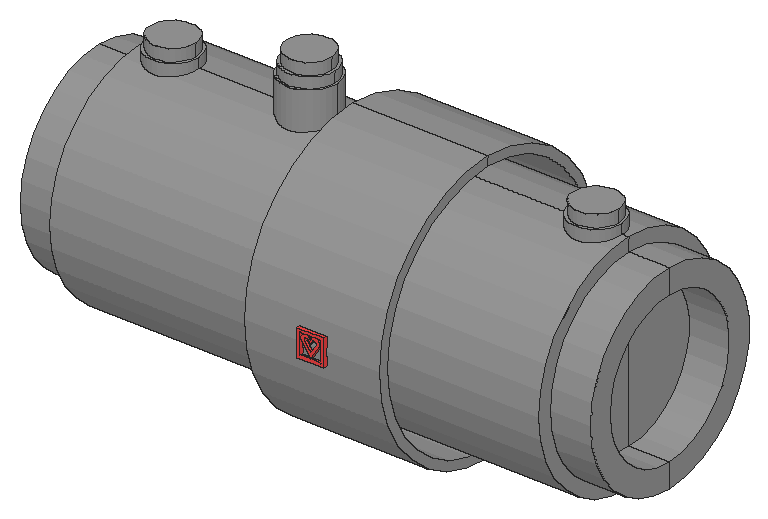
Revit family "Systemtrenner 0307 IG-IG", category Rohrzubehör, Revit 2020
Family settings
  Bemaßung runder Anschluss = Durchmesser verwenden
  Teiletyp = Unterbricht
  OmniClass-Nummer = 23.65.55.14
  OmniClass-Titel = Valves for Liquid Services
  Arbeitsebenenbasiert = Nein
  Immer vertikal = Ja
  Beim Laden mit Abzugskörper schneiden = Nein
  Gemeinsam genutzt = Nein
Parameters (values of type "IG-IG DN50-DN50")
  Vorgabe-Ansicht = 0.000 mm
  URL = "www.herz-armaturen.at"
  SCTWSEQ = "AW;SBT_TYP_AW=\"104\";2"
  SCTWCODE = "04;12;02"  # constant formula
  S03 = 15.000 mm  # constant formula
  S02 = 45.000 mm  # constant formula
  S01 = 98.000 mm  # constant formula
  Nennweite Ein [instance] = if(IG_IG_DN40_DN40, 40.000 mm, if(IG_IG_DN40_DN50, 40.000 mm, if(IG_IG_DN50_DN40, 50.000 mm, if(IG_IG_DN50_DN50, 50.000 mm, 0.000 mm))))  # 50.000 mm
  Nennweite Aus [instance] = if(IG_IG_DN40_DN40, 40.000 mm, if(IG_IG_DN40_DN50, 50.000 mm, if(IG_IG_DN50_DN40, 40.000 mm, if(IG_IG_DN50_DN50, 50.000 mm, 0.000 mm))))  # 50.000 mm
  Medium = "Wasser (ohne Dampf)"
  Max. Betriebstemperatur (Kurzzeitig) = 80 °C  # constant formula
  Max. Betriebstemperatur = 65 °C  # constant formula
  Max. Betriebsdruck = 1000000.0 Pa  # constant formula
  L08 = 45.000 mm  # constant formula
  L07 = 24.500 mm  # constant formula
  L06 = 70.000 mm  # constant formula
  L05 = 28.000 mm  # constant formula
  L04 = 13.500 mm  # constant formula
  L03 = 84.500 mm  # constant formula
  L02 = 18.000 mm  # constant formula
  L01 = 190.000 mm  # constant formula
  Hinweis = "Gemäß Art 33 der REACH-Verordnung (EG Nr. 1907/2006) sind wir verpflichtet, darauf hinzuweisen, dass der Stoff Blei auf der SVHC-Liste geführt wird und dass alle aus Messing bestehenden Bauteile, die in unseren Erzeugnissen verarbeitet sind, mehr als 0,1 % (w/w) Blei (CAS: 7439-92-1 / EINECS: 231-100-4) enthalten.\r\nDa Blei als Legierungsbestandteil fest gebunden ist, sind keine Expositionen zu erwarten und daher sind keine zusätzlichen Angaben zur sicheren Verwendung notwendig."
  Hersteller = "HERZ Armaturen Ges.m.b.H."  # constant formula
  Gehäuse = "Edelstahl"  # constant formula
  Einbaulage = "waagrecht oder senkrecht nach unten zeigend"  # constant formula
  D04 [instance] = if(IG_IG_DN40_DN40, 28.000 mm, if(IG_IG_DN40_DN50, 33.000 mm, if(IG_IG_DN50_DN40, 28.000 mm, if(IG_IG_DN50_DN50, 33.000 mm, 0.000 mm))))  # 33.000 mm
  D03 [instance] = if(IG_IG_DN40_DN40, 28.000 mm, if(IG_IG_DN40_DN50, 28.000 mm, if(IG_IG_DN50_DN40, 33.000 mm, if(IG_IG_DN50_DN50, 33.000 mm, 0.000 mm))))  # 33.000 mm
  D02 = 45.000 mm  # constant formula
  D01 = 37.500 mm  # constant formula
  Bestellnummer [instance] = if(IG_IG_DN40_DN40, "I030701", if(IG_IG_DN40_DN50, "I030709", if(IG_IG_DN50_DN40, "I030713", if(IG_IG_DN50_DN50, "I030705", "0"))))  # "I030705"
  Ausführung = "Der Systemtrenner wurde nach der Norm DIN EN 1717 entwickelt.\r\nLaut dieser Norm ist die Wasserqualität je nach Grad der Verschmutzung in 5 Klassen eingeteilt.\r\nDer Systemtrenner Typ BA erlaubt eine Absicherung gegen Nichttrinkwasser bis zur Gefahrenklasse 4, der höchsten Gefahrenklasse, die mit einer Armatur abgesichert werden kann.\r\nEine niedrigere Absicherung eines Standrohres als mit einem Systemtrenner BA nach DIN EN 1717 entspricht nicht mehr dem Stand der Technik und führt damit bei einem Schadensfall zur Haftpflicht des Betreibers eines solchen Standrohres.\r\nDie Funktionseinheit ist als einteilige Kartusche mit groß bemessenem Steuerkolben und druckstoßgedämpftem Ablassventilsystem ausgebildet.\r\nGewindeanschlüsse sind untereinander austauschbar, wodurch 16 mögliche Anschlussvarianten (Eingangs- und Ausgangsseite erhältlich in 1 1/2” Innen- oder Außengewinde alternativ in 2” Innen- oder Außengewinde)."
  Anwendung = "Der Systemtrenner ist eine kostengünstige Lösung zum Nachrüsten von Standrohren mit der nach DIN EN 1717 zwingend vorgeschriebenen Sicherungsarmatur gegen Rücksaugen, Rückfließen oder Rückdrücken von Nichttrinkwasser in die Trinkwasserleitung.\r\nDer Systemtrenner ist für den waagerechten Einbau geeignet.\r\nEr kann auch senkrecht montiert werden aber nach unten zeigend.\r\nFür den Einbau in eine Steigleitung ist er nicht zulässig."
  IG_IG_DN50_DN50 = yes
  IG_IG_DN50_DN40 = no
  IG_IG_DN40_DN50 = no
  IG_IG_DN40_DN40 = no
  IG Ein [instance] = Nennweite Ein / 2  # 25.000 mm
  IG Aus [instance] = Nennweite Aus / 2  # 25.000 mm
Types (5, lengths in mm): name | Nennweite Ein | Nennweite Aus | D04 | D03 | Bestellnummer | IG_IG_DN50_DN50 | IG_IG_DN50_DN40 | IG_IG_DN40_DN50 | IG_IG_DN40_DN40 | IG Ein | IG Aus
  (no name) | 50.000 | 50.000 | 33.000 | 33.000 | "I030705" | yes | no | no | no | 25.000 | 25.000
  IG-IG DN40-DN50 | 40.000 | 50.000 | 33.000 | 28.000 | "I030709" | no | no | yes | no | 20.000 | 25.000
  IG-IG DN40-DN40 | 40.000 | 40.000 | 28.000 | 28.000 | "I030701" | no | no | no | yes | 20.000 | 20.000
  IG-IG DN50-DN50 | 50.000 | 50.000 | 33.000 | 33.000 | "I030705" | yes | no | no | no | 25.000 | 25.000
  IG-IG DN50-DN40 | 50.000 | 40.000 | 28.000 | 33.000 | "I030713" | no | yes | no | no | 25.000 | 20.000
Reference planes
  plane 1 "Mitte (Vorne/hinten)": y = 0
  plane 2: z = 0
  plane 3 "Mitte (Links/rechts)": x = 0
Forms (mm)
  Revolve 1, solid, material "Messing, weicher Gelbton, geschweißt", detail levels fine
    sketch origin (0, 0, 0) x (1, 0, 0) y (0, 0, 1)
      loop
        line (81.5, 0) -> (81.5, 25) -> (95, 25) -> (95, 33) -> (81.5, 33) -> (81.5, 37.5) -> (-81.5, 37.5) -> (-81.5, 33) -> (-95, 33) -> (-95, 25) -> (-81.5, 25) -> (-81.5, 0) -> (81.5, 0)
      axis (-95, 0) -> (95, 0)
    angle from 0 to 360
  Revolve 2, solid, material "Acetalharz, Schwarz", detail levels fine
    sketch origin (0, 0, 0) x (1, 0, 0) y (0, 0, 1)
      loop
        line (-10.5, 0) -> (1.5, 0) -> (1.5, 42) -> (34.5, 42) -> (34.5, 45) -> (-10.5, 45) -> (-10.5, 0)
      axis (-10.5, 0) -> (34.5, 0)
    angle from 0 to 360
  Extrusion 3, solid, material "Messing, weicher Gelbton, geschweißt", detail levels fine
    sketch origin (0, 0, 0) x (1, 0, 0) y (0, 1, 0)
      loop
        circle (-70.5, 0) r 8.5
      loop
        circle (70.5, 0) r 8.5
    from 0 to 40.5
  Extrusion 4, solid, material "Acetalharz, Schwarz", detail levels fine
    sketch origin (0, 0, 0) x (1, 0, 0) y (0, 1, 0)
      loop
        circle (-70.5, 0) r 7.5
      loop
        circle (70.5, 0) r 7.5
    from 40.5 to 44.5
  Extrusion 5, solid, material "Messing, weicher Gelbton, geschweißt", detail levels fine
    sketch origin (0, 0, 0) x (1, 0, 0) y (0, 1, 0)
      loop
        circle (-25, 0) r 9.3
    from 0 to 49
  Extrusion 6, solid, material "Messing, weicher Gelbton, geschweißt", detail levels fine
    sketch origin (0, 0, 0) x (1, 0, 0) y (0, 1, 0)
      loop
        circle (-25, 0) r 8.5
    from 49 to 52.5
  Extrusion 7, solid, material "Acetalharz, Schwarz", visible <- "IG_IG_DN40_DN50", detail levels fine
    sketch origin (0, 0, 0) x (1, 0, 0) y (0, 1, 0)
      loop
        circle (-25, 0) r 7.5
    from 52.5 to 56.5
  Extrusion 8, solid, material "Acetalharz, Schwarz", visible <- "IG_IG_DN40_DN40", detail levels fine
    sketch origin (0, 0, 0) x (1, 0, 0) y (0, 1, 0)
      loop
        circle (-25, 0) r 7.5
    from 52.5 to 56.4
  Extrusion 9, solid, material "Acetalharz, Schwarz", visible <- "IG_IG_DN50_DN50", detail levels fine
    sketch origin (0, 0, 0) x (1, 0, 0) y (0, 1, 0)
      loop
        circle (-25, 0) r 7.5
    from 52.5 to 56.3
  Extrusion 10, solid, material "Acetalharz, Schwarz", visible <- "IG_IG_DN50_DN40", detail levels fine
    sketch origin (0, 0, 0) x (1, 0, 0) y (0, 1, 0)
      loop
        circle (-25, 0) r 7.5
    from 52.5 to 56.2
Lines and regions (mm)
  model lines, detail levels coarse+medium
    curve 1: line (-95, 0, 37.5) -> (95, 0, 37.5)
    curve 2: line (-95, 0, -37.5) -> (-95, 0, 37.5)
    curve 3: line (95, 0, -37.5) -> (-95, 0, -37.5)
    curve 4: line (95, 0, 37.5) -> (95, 0, -37.5)
    curve 5: line (-95, 0, -22.5) -> (-50, 0, -22.5)
    curve 6: line (-3, 0, -22.5) -> (95, 0, -22.5)
    curve 7: line (-95, 0, 22.5) -> (-50, 0, 22.5)
    curve 8: line (-3, 0, 22.5) -> (95, 0, 22.5)
    curve 9: line (-95, 37.5, 0) -> (95, 37.5, 0)
    curve 10: line (-95, -37.5, 0) -> (-95, 37.5, 0)
    curve 11: line (95, -37.5, 0) -> (-95, -37.5, 0)
    curve 12: line (95, 37.5, 0) -> (95, -37.5, 0)
    curve 13: line (-95, 22.5, 0) -> (-50, 22.5, 0)
    curve 14: line (-3, 22.5, 0) -> (95, 22.5, 0)
    curve 15: line (-95, -22.5, 0) -> (-50, -22.5, 0)
    curve 16: line (-3, -22.5, 0) -> (95, -22.5, 0)
Dimensions and locks
  equal spacing: curve 4, plane 3 "Mitte (Links/rechts)", curve 2
  "L01": curve 4 to curve 2
  "D01": curve 1 to plane 2 to curve 3
  "S03": curve 5 to curve 3
  "S03": curve 1 to curve 7
  "S03": curve 1 to curve 8
  "S03": curve 6 to curve 3
  "S02": curve 5 to curve 2
  "S02": curve 7 to curve 2
  "S01": curve 8 to curve 4
  "S01": curve 6 to curve 4
  equal spacing: curve 10, plane 3 "Mitte (Links/rechts)", curve 12
  "L01": curve 10 to curve 12
  "D01": curve 11 to plane 1 "Mitte (Vorne/hinten)" to curve 9
  "S03": curve 13 to curve 9
  "S03": curve 11 to curve 15
  "S03": curve 14 to curve 9
  "S03": curve 11 to curve 16
  "S01": curve 14 to curve 12
  "S01": curve 16 to curve 12
  "S02": curve 10 to curve 15
  "S02": curve 10 to curve 13
  "D02": Revolve 2 sketch curve to Revolve 2 sketch curve
  equal spacing: Revolve 2, nested 1, Revolve 2
  "D02": nested 1 to plane 1 "Mitte (Vorne/hinten)"
  "IG Ein": Revolve 1 sketch curve to plane 2
  "D03": Revolve 1 sketch curve to plane 2
  "D01": Revolve 1 sketch curve to plane 2
  "L03": Revolve 1 to Revolve 2 sketch curve
  "L07": Revolve 1 to Extrusion 3 sketch curve
  "L07": Revolve 1 to Extrusion 4 sketch curve
  "L06": Revolve 1 to Extrusion 5 sketch curve
  "L06": Revolve 1 to Extrusion 6 sketch curve
  "L06": Revolve 1 to Extrusion 10 sketch curve
  "L06": Revolve 1 to Extrusion 9 sketch curve
  "L06": Revolve 1 to Extrusion 8 sketch curve
  "L06": Revolve 1 to Extrusion 7 sketch curve
  "L08": Revolve 2 sketch curve to Revolve 2 sketch curve
  "IG Aus": Revolve 1 sketch curve to Revolve 1 sketch curve
  "D04": Revolve 1 sketch curve to Revolve 1 sketch curve
  "L01": Revolve 1 sketch curve to Revolve 1 sketch curve
  equal spacing: Revolve 1 sketch curve, plane 3 "Mitte (Links/rechts)", Revolve 1 sketch curve
  "L07": Extrusion 3 sketch curve to Revolve 1
  "L07": Extrusion 4 sketch curve to Revolve 1
  "L04": Revolve 1 sketch curve to Revolve 1 sketch curve  (x2)
  aligned and locked: level to plane 2
Automatic sketch dimensions
  Revolve 1 sketch curve to level = 0.000 mm  (x2)
  Revolve 1 sketch curve to Revolve 1 sketch curve = 0.000 mm
  Revolve 1 sketch curve to Revolve 1 sketch curve = 13.500 mm
  Revolve 1 sketch curve to Revolve 1 sketch curve = 1408.530 mm
  Revolve 1 sketch curve to Revolve 1 sketch curve = 1741.148 mm
  Revolve 2 sketch curve to level = 0.000 mm  (x2)
  plane 3 "Mitte (Links/rechts)" to Revolve 2 sketch curve = 1.500 mm
  Revolve 2 sketch curve to Revolve 2 sketch curve = 3.000 mm
  Revolve 2 sketch curve to Revolve 2 sketch curve = 1496.030 mm
  Revolve 2 sketch curve to Revolve 2 sketch curve = 1804.648 mm
  plane 1 "Mitte (Vorne/hinten)" to Extrusion 3 sketch curve = 0.000 mm  (x2)
  plane 1 "Mitte (Vorne/hinten)" to Extrusion 4 sketch curve = 0.000 mm  (x2)
  plane 1 "Mitte (Vorne/hinten)" to Extrusion 5 sketch curve = 0.000 mm
  plane 1 "Mitte (Vorne/hinten)" to Extrusion 6 sketch curve = 0.000 mm
  plane 1 "Mitte (Vorne/hinten)" to Extrusion 7 sketch curve = 0.000 mm
  plane 1 "Mitte (Vorne/hinten)" to Extrusion 8 sketch curve = 0.000 mm
  plane 1 "Mitte (Vorne/hinten)" to Extrusion 9 sketch curve = 0.000 mm
  plane 1 "Mitte (Vorne/hinten)" to Extrusion 10 sketch curve = 0.000 mm
  radius of Extrusion 3 sketch curve = 8.500 mm  (x2)
  radius of Extrusion 4 sketch curve = 7.500 mm  (x2)
  radius of Extrusion 5 sketch curve = 9.300 mm
  radius of Extrusion 6 sketch curve = 8.500 mm
  radius of Extrusion 7 sketch curve = 7.500 mm
  radius of Extrusion 8 sketch curve = 7.500 mm
  radius of Extrusion 9 sketch curve = 7.500 mm
  radius of Extrusion 10 sketch curve = 7.500 mm
Nested families
  nested 1: "Herz-Logo-vorne" at (12, -45, 0) x (0, 1, 0) z (0, 0, 1), type "Herz-Logo-vorne", detail levels fine
Connectors
  piping at (-81.5, 0, 0), diameter 50, driven by "Nennweite Ein"
    settings: on Revolve 1, index 1, connector inside diameter 609.6 mm, connector length 0.000 mm, flow factor 0, pipe flow 0.0 L/s, pressure drop 0.0 Pa, fitting loss kfactor 0, connector angle 0.00°, fixture units 0, engagement length 0.000 mm, angle of deflection 0.00°, flow configuration 0, flow direction 1, fitting loss method 0, system type 29, joint type 0, gender type 0, connector reference index -1, connector utility 0, adjustable connector no, is connector primary yes, connector description ""
  piping at (81.5, 0, 0), diameter 50, driven by "Nennweite Aus"
    settings: on Revolve 1, index 2, connector inside diameter 609.6 mm, connector length 0.000 mm, flow factor 0, pipe flow 0.0 L/s, pressure drop 0.0 Pa, fitting loss kfactor 0, connector angle 0.00°, fixture units 0, engagement length 0.000 mm, angle of deflection 0.00°, flow configuration 0, flow direction 2, fitting loss method 0, system type 29, joint type 0, gender type 0, connector reference index -1, connector utility 0, adjustable connector no, is connector primary no, connector description ""
Definition of nested family "Herz-Logo-vorne"
  Parameters (values of type "Herz-Logo-vorne")
    Default Elevation = 0.000 mm
  Reference planes
    plane 1 "Mitte (Vorne/hinten)": y = 0
    plane 2: z = 0
    plane 3 "Mitte (Links/rechts)": x = 0
  Forms (mm)
    Extrusion 1, solid
      sketch origin (0.732, -0.018, 0.017) x (0, -1, 0) y (0, 0, 1)
        loop
          line (-0.018, -4.517) -> (4.482, -4.517) -> (4.482, 4.483) -> (-4.518, 4.483) -> (-4.518, -4.517) -> (-0.018, -4.517)
        loop
          line (-0.05, -3.48) -> (3.482, -3.48) -> (3.482, 3.483) -> (-3.518, 3.483) -> (-3.518, -3.48) -> (-0.05, -3.48)
        loop
          arc (-0.018, 2.383) -> (-1.543, 3.287) -> (-3.067, 2.383) r 1.738
          arc (-3.067, 2.383) -> (-3.191, 1.899) -> (-3.067, 1.415) r 1.009
          line (-3.067, 1.415) -> (-0.018, -3.281) -> (3.032, 1.415)
          arc (3.032, 1.415) -> (3.156, 1.899) -> (3.032, 2.383) r 1.009
          arc (3.032, 2.383) -> (1.507, 3.287) -> (-0.018, 2.383) r 1.738
        loop
          arc (1.885, 1.272) -> (2.005, 1.675) -> (1.885, 2.079) r 0.74
          arc (1.885, 2.079) -> (1.265, 2.416) -> (0.644, 2.079) r 0.74
          line (0.644, 2.079) -> (-0.018, 0.97) -> (-0.679, 2.079)
          arc (-0.679, 2.079) -> (-1.3, 2.416) -> (-1.921, 2.079) r 0.74
          arc (-1.921, 2.079) -> (-2.04, 1.675) -> (-1.921, 1.272) r 0.74
          line (-1.921, 1.272) -> (-0.018, -1.658) -> (1.885, 1.272)
      from 0 to 1.5
  Dimensions and locks
    aligned and locked: level to plane 2
